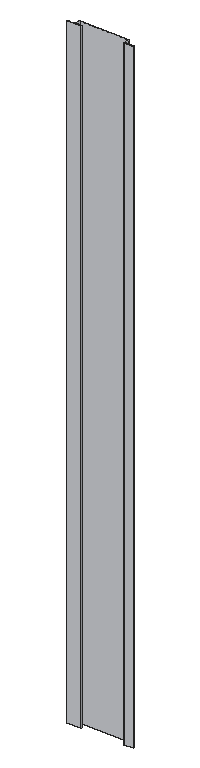
Revit family "Millennium Forms T&G 1X8 Family", category Curtain Panels, Revit 2023
Family settings
  OmniClass Number = 23.25.20.14.11.11.17
  OmniClass Title = Infill Panels
  Always vertical = Yes
  Cut with Voids When Loaded = No
  Shared = No
Reference planes (in)
  plane 1 "Front": y = 0
  plane 2: z = 0
  plane 3 "Center (Left/Right)": x = 0
  plane 4 "Left": x = -4
  plane 5 "Right": x = 4
  plane 6 "Top": z = 96
Forms (in)
  Extrusion 1, solid
    sketch origin (0, 0, 0) x (1, 0, 0) y (0, 1, 0)
      loop
        line (-5.195, 0) -> (-3.03125, 0)
        arc (-3.03125, 0) -> (-2.971, 0.06025) -> (-3.03125, 0.1205) r 0.06025
        line (-3.03125, 0.1205) -> (-3.967, 0.1205) -> (-3.967, 0.9695) -> (3.437, 0.9695) -> (3.437, 0.0755)
        arc (3.437, 0.0755) -> (3.44872, 0.04722) -> (3.477, 0.0355) r 0.04
        line (3.477, 0.0355) -> (4.97, 0.0355) -> (4.97, 0.0685) -> (3.47, 0.0685) -> (3.47, 0.9625)
        arc (3.47, 0.9625) -> (3.45828, 0.99078) -> (3.43, 1.0025) r 0.04
        line (3.43, 1.0025) -> (-3.96, 1.0025)
        arc (-3.96, 1.0025) -> (-3.98828, 0.99078) -> (-4, 0.9625) r 0.04
        line (-4, 0.9625) -> (-4, 0.1275)
        arc (-4, 0.1275) -> (-3.98828, 0.09922) -> (-3.96, 0.0875) r 0.04
        line (-3.96, 0.0875) -> (-3.03125, 0.0875)
        arc (-3.03125, 0.0875) -> (-3.004, 0.06025) -> (-3.03125, 0.033) r 0.02725
        line (-3.03125, 0.033) -> (-5.195, 0.033) -> (-5.195, 0)
    from 0 to 96
Text (in)
  text "Exterior" at (-54.29358, 31.38743, 0), in view "Ref. Level"
  text "Exterior" at (480, 41.53993, 89.60405), in view "Right"
  text "Exterior" at (-240, 57.82419, 105.78864), in view "Left"
Dimensions and locks (in)
  equal spacing: plane 4 "Left", plane 3 "Center (Left/Right)", plane 5 "Right", locked at 4 each
  locked: plane 4 "Left" to plane 5 "Right" at 8
  aligned and locked: level to plane 2
  aligned and locked: Extrusion 1 to plane 6 "Top"
  aligned and locked: Extrusion 1 to level
Automatic sketch dimensions
  Extrusion 1 sketch curve to Extrusion 1 sketch curve = 0' - 0"  (x2)
  Extrusion 1 sketch curve to plane 4 "Left" = 0' - 0"
  Extrusion 1 sketch curve to plane 1 "Front" = 0' - 0"
  Extrusion 1 sketch curve to plane 1 "Front" = 0' - 0.033"
  plane 4 "Left" to Extrusion 1 sketch curve = 0' - 1.195"
  Extrusion 1 sketch curve to plane 4 "Left" = 0' - 0.033"
  Extrusion 1 sketch curve to Extrusion 1 sketch curve = 0' - 0.007"  (x6)
  Extrusion 1 sketch curve to plane 1 "Front" = 0' - 0.0875"
  Extrusion 1 sketch curve to Extrusion 1 sketch curve = 0' - 0.92875"
  Extrusion 1 sketch curve to plane 1 "Front" = 0' - 0.9625"
  Extrusion 1 sketch curve to Extrusion 1 sketch curve = 0' - 6.46125"
  Extrusion 1 sketch curve to Extrusion 1 sketch curve = 0' - 0.033"
  Extrusion 1 sketch curve to plane 1 "Front" = 0' - 0.0355"
  Extrusion 1 sketch curve to Extrusion 1 sketch curve = 0' - 1.493"
